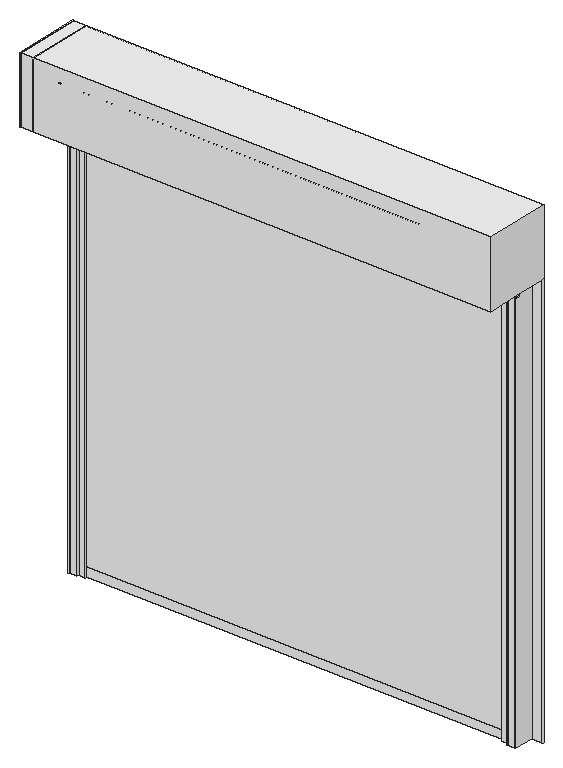
Revit family "NBS_HAGTheDoorSpecialists_RllrShtrSets_Armourguard_F2", category Doors, host Wall, Revit 2022
Family settings
  Host = Wall
  OmniClass Number = 23.30.10.00
  OmniClass Title = Doors
  Always vertical = Yes
  Cut with Voids When Loaded = No
  Shared = No
  Room Calculation Point = No
Parameters
  WidthMaximum = 12000
  Width = 0 mm
  WarrantyStartDate [instance] = "1900-12-31T23:59:59"
  WarrantyGuarantorParts = "n/a"
  WarrantyGuarantorLabor = "n/a"
  WarrantyDurationUnit = "year"
  WarrantyDurationParts = "n/a"
  WarrantyDurationLabor = "n/a"
  WarrantyDescription = "n/a"
  Version = "3"  # constant formula
  UsageCurrent = 0
  Uniclass2015Version = "Products v1.5"
  Uniclass2015Title = "Roller shutter sets"
  Uniclass2015Code = "Pr_30_59_24_73"
  ThreePhaseMotorBox [instance] = no
  ThermalTransmittance = 0
  TagNumber [instance] = "n/a"
  SustainabilityPerformance = "n/a"
  StructuralWallThickness [instance] = 150 mm
  StructuralOpeningWidthCalc [instance] = if(StructuralOpeningWidth > MaximumStructuralOpeningWidth, MaximumStructuralOpeningWidth, StructuralOpeningWidth)  # 2500 mm
  StructuralOpeningWidth [instance] = 2500 mm
  StructuralOpeningHeightCalc [instance] = if(StructuralOpeningHeight > MaximumStructuralOpeningHeight, MaximumStructuralOpeningHeight, StructuralOpeningHeight)  # 2500 mm
  StructuralOpeningHeight [instance] = 2500 mm
  StartCurrentFactor = 0
  SpringLoaded = "n/a"
  SmokeStop = no
  Size = "100 x ≤ 12000 mm"
  SideOffset [instance] = 165 mm  # constant formula
  SideGuideWidth [instance] = 85 mm  # constant formula
  SideGuideDepth [instance] = 70 mm  # constant formula
  ShutterCurtainProfile = "100mm flat lath"
  ShutterCurtainLathMaterial = "0.7mm twin skinned with CFC insulation."
  ShutterCurtainFinishAndColour = "HP200 plastisol colour coated finish to outside face and standard corrosion resistant finish to reverse side"
  ShutterBoxMaterial = "0.91 mm bright spangle galvanized pressed steel coil casing"
  ShutterBoxFinishAndColour = "HP200 plastisol colour coated finish to outside face and standard corrosion resistant finish to reverse side"
  Shape = "n/a"
  SerialNumber [instance] = "n/a"
  SelfClosing = yes
  SecurityRating = "Medium to high"
  Revision = "n/a"
  ReplacementCost = "n/a"
  Reference = "n/a"
  ProductInformation = "www.hag.co.uk/hag-downloads.html"
  PhaseReference = "n/a"
  PhaseAngle = 0.00°
  PanelMaterial = NBS_HAGTheDoorSpecialists_SteelLaths_90mm
  OverallWidth [instance] = StructuralOpeningWidthCalc + SideOffset * 2  # 2830 mm
  OverallHeight [instance] = StructuralOpeningHeightCalc + HeadPlateHeight  # 2900 mm
  OperationMode = "Single phase electric or three phase automatic Or Chain Operation"
  OperationControl = "Push button control as standard with low level hand chain overrise or high level hand crank"
  Operation = "ROLLINGUP"
  NumberOfPoles = 0
  NominalWidth [instance] = StructuralOpeningWidth  # 2500 mm
  NominalVoltage = "240, 415"
  NominalLength [instance] = 0 mm
  NominalHeight [instance] = StructuralOpeningHeight  # 2500 mm
  NominalFrequencyRange = "0"
  NominalCurrent = 10
  Name = "RollerShutterSets_Armourguard_F2_HAGTheDoorSpecialists"
  NBSTypeID = "n/a"
  NBSReference = "45-25-28/414"
  NBSOfficeMasterTag = "n/a"
  NBSNote = "n/a"
  NBSDescription = "Roller shutter sets"
  NBSCertification = "www.nationalbimlibrary.com/cert/vz2htwge"
  MotorEnclosureType = "n/a"
  MotorBoxWidth [instance] = if(ThreePhaseMotorBox, 250 mm, 2 mm)  # 2 mm
  MotorBoxDepthOverHang [instance] = if(ThreePhaseMotorBox, 340 mm, 0 mm)  # 0 mm
  ModelReference = "Armourguard_F2"
  ModelNumber = "n/a"
  MaximumStructuralOpeningWidth [instance] = 10000 mm - SideOffset * 2  # 9670 mm
  MaximumStructuralOpeningHeight [instance] = 10000 mm - MaximumHeadPlateHeight  # 9300 mm
  MaximumPowerOutput = 0
  MaximumHeadPlateHeight [instance] = 700 mm  # constant formula
  Material = "Steel"
  MassPerUnitArea = "18.4 kg/m²"
  ManufacturingConstraints [instance] = if(or(StructuralOpeningWidth > MaximumStructuralOpeningWidth, StructuralOpeningHeight > MaximumStructuralOpeningHeight), "Structural opening dimensions were automatically adjusted according to manufacturing contraints", "Manufacturing constraints are satisfied")  # "Manufacturing constraints are satisfied"
  ManufacturerURL = "www.hag.co.uk"
  ManufacturerName = "HAG The Door Specialists"  # constant formula
  Manufacturer = "info@hag.co.uk"
  LockedRotorCurrent = 0
  LayerWrapExternal [instance] = StructuralWallThickness  # 150 mm
  IsGuarded = no
  IsExternal = yes
  InsulationStandardClass = "n/a"
  InstallationDate [instance] = "1900-12-31T23:59:59"
  Infiltration = 0
  IfcExportType = "DOOR"  # constant formula
  IfcExportAs = "IfcDoor"  # constant formula
  IP_Code = "n/a"
  Height = 0 mm
  HeadPlateWidth [instance] = HeadPlateHeight  # 400 mm
  HeadPlateHeight [instance] = if(StructuralOpeningHeightCalc > (6000 mm - 600 mm), 700 mm, if(StructuralOpeningHeightCalc > (5000 mm - 500 mm), 600 mm, if(StructuralOpeningHeightCalc > (4100 mm - 450 mm), 500 mm, if(StructuralOpeningHeightCalc > (3000 mm - 400 mm), 450 mm, if(StructuralOpeningHeightCalc > (2000 mm - 350 mm), 400 mm, 350 mm)))))  # 400 mm
  HasProtectiveEarth = no
  HasPartWinding = no
  Hardware = "n/a"
  HandicapAccessible = no
  Grade = "n/a"
  GlazingAreaFraction = 0
  FrameSize = "n/a"
  FrameAndGuidesMaterial = "Steel"
  FrameAndGuidesFinishAndColour = "Galvanized"
  Frame/MullionMaterial = NBS_Concept
  Wall Closure = 4
  Format = "External / Internal"
  FireRating = "n/a"
  FireExit = no
  Finish = "HP200 plastisol colour coated finish to outside face and standard corrosion resistant finish to reverse side"
  Features = "Medium to high security, suitable for loading bay and warehouse doors where insulation is required"
  ExpectedLife = "25"
  ElectricalDeviceNominalPower = 0
  ElectricMotorEfficiency = 0
  DurationUnit = "year"
  DoorNumber [instance] = "n/a"
  Description = "All steel construction roller shutter, 100mm twin skinned 22 gauge galvanised lath HP200 plastisol colour coated and foam insulation"
  Constituents = "n/a"
  ComponentNumber [instance] = "n/a"
  Color = "n/a"
  CodePerformance = "n/a"
  Category = "Pr_30_59_24_73:Roller shutter sets"
  BarCode [instance] = "n/a"
  BIMObjectName = "NBS_HAGTheDoorSpecialists_RollerShutterSets_Armourguard_F2"
  Author = "NBS"  # constant formula
  AssetType = "Fixed"
  AssetIdentifier [instance] = "n/a"
  Arrangement = "Reveal fix / Face fix"
  AcousticRating = "n/a"
  Accessories = "n/a"
  AccessibilityPerformance = "n/a"
Reference planes
  plane 1: y = 0
  plane 2 "Center (Left/Right)": x = 0
  plane 3 "Left": x = -1250
  plane 4 "Right": x = 1250
  plane 5: z = 2500
  plane 6 "Exterior": y = 75
  plane 7 "Interior": y = -75
  plane 8: y = -475
  plane 9: x = -1415
  plane 10: x = 1415
  plane 11: z = 2900
  plane 12: y = -130
  plane 13: x = -1340
  plane 14: x = 1340
  plane 15: x = -1255
  plane 16: x = 1255
  plane 17: y = -200
  plane 18: y = -165
  plane 19: y = -155
  plane 20: y = -175
  plane 21: x = -1334
  plane 22: x = 1334
  plane 23: z = 2400
  plane 24: z = 2897
  plane 25: z = 2503
  plane 26: y = -472
  plane 27: y = -78
  plane 28: y = -260
  plane 29: y = -263
  plane 30: z = 2485
  plane 31: z = 2700
  plane 32: y = -275
  plane 33: x = -1417
  plane 34: y = -475
  plane 35: z = 50
  plane 36: y = -275
  plane 37: y = -75
  plane 38: x = -1295
  plane 39: y = -145
  plane 40: y = -185.057
  plane 41: x = 1295
Forms (mm)
  Extrusion 1, solid, material "NBS_Concept" <- "Frame/MullionMaterial"
    sketch origin (0, 0, 0) x (1, 0, 0) y (0, 1, 0)
      loop
        line (-1415, -75) -> (-1415, -85) -> (-1350, -85) -> (-1350, -200) -> (-1340, -200) -> (-1340, -75) -> (-1415, -75)
      loop
        line (1340, -200) -> (1350, -200) -> (1350, -85) -> (1415, -85) -> (1415, -75) -> (1340, -75) -> (1340, -200)
    from 0 to 2500
  Extrusion 2, solid, material "NBS_Concept" <- "Frame/MullionMaterial"
    sketch origin (0, 0, 0) x (1, 0, 0) y (0, 1, 0)
      loop
        line (-1340, -130) -> (-1340, -200) -> (-1295, -200) -> (-1295, -188.057) -> (-1255, -188.057) -> (-1255, -185.057) -> (-1298, -185.057) -> (-1298, -197) -> (-1337, -197) -> (-1337, -133) -> (-1298, -133) -> (-1298, -145) -> (-1255, -145) -> (-1255, -141.943) -> (-1295, -141.943) -> (-1295, -130) -> (-1340, -130)
      loop
        line (1340, -130) -> (1295, -130) -> (1295, -141.943) -> (1255, -141.943) -> (1255, -145) -> (1298, -145) -> (1298, -133) -> (1337, -133) -> (1337, -197) -> (1298, -197) -> (1298, -185.057) -> (1255, -185.057) -> (1255, -188.057) -> (1295, -188.057) -> (1295, -200) -> (1340, -200) -> (1340, -130)
    from 0 to 2500
  Extrusion 3, solid, material "NBS_HAGTheDoorSpecialists_SteelLaths_90mm" <- "PanelMaterial", detail levels coarse
    sketch origin (0, 0, 0) x (1, 0, 0) y (0, 1, 0)
      loop
        line (-1334, -155) -> (-1334, -175) -> (1334, -175) -> (1334, -155) -> (-1334, -155)
    from 0 to 2500
  Extrusion 4, solid, material "NBS_Concept" <- "Frame/MullionMaterial", detail levels coarse
    sketch origin (0, 0, 0) x (0, 1, 0) y (0, 0, 1)
      loop
        line (-75, 2900) -> (-475, 2900) -> (-475, 2500) -> (-75, 2500) -> (-75, 2900)
    from -1415 to 1415
  Extrusion 5, solid, material "NBS_Concept" <- "Frame/MullionMaterial", detail levels medium+fine
    sketch origin (0, 0, 0) x (0, 1, 0) y (0, 0, 1)
      loop
        line (-75, 2900) -> (-475, 2900) -> (-475, 2500) -> (-263, 2500) -> (-263, 2488) -> (-275, 2488) -> (-275, 2485) -> (-260, 2485) -> (-260, 2500) -> (-75, 2500) -> (-75, 2900)
    from -1415 to 1415
  Extrusion 6, void
    sketch origin (0, 0, 0) x (0, 1, 0) y (0, 0, 1)
      loop
        line (-78, 2897) -> (-472, 2897) -> (-472, 2503) -> (-260, 2503) -> (-260, 2500) -> (-78, 2500) -> (-78, 2897)
    from -1340 to 1340
  Extrusion 7, solid, material "NBS_HAGTheDoorSpecialists_SteelLaths_90mm" <- "PanelMaterial", detail levels medium+fine
    sketch origin (0, 0, 0) x (0, 1, 0) y (0, 0, 1)
      loop
        circle (-275, 2700) r 20
      loop
        arc (-155, 2700) -> (-389.891, 2734.641) -> (-175, 2633.668) r 120
        line (-175, 2633.668) -> (-175, 50) -> (-155, 50) -> (-155, 2700)
    from -1334 to 1334
  Extrusion 8, solid, material "NBS_Concept" <- "Frame/MullionMaterial", detail levels medium+fine
    sketch origin (0, 0, 0) x (0, 1, 0) y (0, 0, 1)
      loop
        circle (-275, 2700) r 20
    from -1340 to 1340
  Extrusion 9, solid, material "NBS_Concept" <- "Frame/MullionMaterial"
    sketch origin (0, 0, 0) x (0, 1, 0) y (0, 0, 1)
      loop
        line (-75, 2900) -> (-475, 2900) -> (-475, 2500) -> (-75, 2500) -> (-75, 2900)
    from -1417 to -1415
  Extrusion 10, solid, material "NBS_Concept" <- "Frame/MullionMaterial", detail levels medium+fine
    sketch origin (0, 0, 0) x (0, 1, 0) y (0, 0, 1)
      loop
        line (-155, 50) -> (-175, 50) -> (-175, 0) -> (-155, 0) -> (-155, 50)
    from -1334 to 1334
Cuts and joins
  Extrusion 6 cuts Extrusion 5
Lines and regions (mm)
  Opening 1
    outline origin (-3050, -75, 0) x (1, 0, 0) y (0, 0, 1)
      loop
        line (1800, 0) -> (4300, 0) -> (4300, 2500) -> (1800, 2500) -> (1800, 0)
  Masking region 1, detail levels medium+fine
    outline origin (0, 0, 0) x (1, 0, 0) y (0, 1, 0)
      loop
        line (-1334, -155) -> (-1334, -175) -> (1334, -175) -> (1334, -155) -> (-1334, -155)
  symbolic lines, style "DoorsHiddenLines"
    curve 1: line (-1415, -75, 0) -> (-1415, -475, 0)
    curve 2: line (-1415, -475, 0) -> (1415, -475, 0)
    curve 3: line (1415, -475, 0) -> (1415, -75, 0)
    curve 5: line (-1415, -75, 0) -> (1415, -75, 0)
  symbolic lines, style "DoorsPanelProjection", detail levels coarse
    curve 4: line (-1334, -165, 0) -> (1334, -165, 0)
  symbolic lines, style "DoorsHiddenLines", visible <- "ThreePhaseMotorBox"
    curve 6: line (-1415, -75, 0) -> (-1417, -75, 0)
    curve 7: line (-1417, -75, 0) -> (-1417, -475, 0)
    curve 8: line (-1417, -475, 0) -> (-1415, -475, 0)
Text (mm)
  text "Exterior" at (-2295.016, 1099.543, 0), in view "Ref. Level"
  text "Exterior" at (0, 1615.38, 3698.081), in view "Left"
  text "Exterior" at (0, 1036.032, 3874.932), in view "Right"
Dimensions and locks
  equal spacing: plane 3 "Left", plane 2 "Center (Left/Right)", plane 4 "Right"
  "StructuralOpeningWidthCalc": plane 3 "Left" to plane 4 "Right"
  "StructuralOpeningHeightCalc": plane 5 to host wall
  host wall to plane 5 = 2500 mm  (x2)
  locked: plane 6 "Exterior" to host wall at 0
  locked: plane 7 "Interior" to host wall
  "HeadPlateWidth": plane 7 "Interior" to plane 8
  "HeadPlateHeight": plane 5 to plane 11
  equal spacing: plane 12, plane 18, plane 17
  locked: plane 13 to plane 21 at 6
  locked: plane 22 to plane 14 at 6
  locked: plane 5 to plane 23 at 100
  locked: plane 30 to plane 5 at 15
  equal spacing: plane 5, plane 31, plane 11
  equal spacing: plane 7 "Interior", plane 32, plane 8
  locked: plane 7 "Interior" to plane 27 at 3
  locked: plane 24 to plane 11 at 3
  locked: plane 5 to plane 25 at 3
  locked: plane 26 to plane 8 at 3
  "MotorBoxDepthOverHang": plane 8 to plane 34
  "MotorBoxWidth": plane 33 to plane 9
  locked: plane 35 to level at 50
  "StructuralWallThickness": host wall to host wall
  "LayerWrapExternal": plane 6 "Exterior" to plane 37
  locked: plane 9 to plane 13 at 75
  "SideGuideWidth": plane 13 to plane 15
  locked: plane 14 to plane 10 at 75
  "SideGuideWidth": plane 16 to plane 14
  "OverallWidth": plane 9 to plane 10
  equal spacing: plane 9, plane 2 "Center (Left/Right)", plane 10
  plane 28 to plane 29 to plane 36 = 3 mm locked, 12 mm locked
  "SideGuideDepth": plane 12 to plane 17
  locked: plane 13 to plane 38 at 45
  locked: plane 40 to plane 17 at 14.943
  locked: plane 12 to plane 39 at 15
  plane 19 to plane 18 to plane 20 = 10 mm locked, 10 mm locked
  locked: plane 41 to plane 14 at 45
  locked: plane 7 "Interior" to plane 12 at 55
  locked: plane 7 "Interior" to plane 28 at 185
  aligned and locked: plane 3 "Left" to Opening 1 sketch curve
  aligned and locked: plane 5 to Opening 1 sketch curve  (x2)
  aligned and locked: Opening 1 sketch curve to plane 4 "Right"
  aligned and locked: Opening 1 sketch curve to level
  aligned and locked: plane 1 to host wall
  aligned and locked: plane 17 to Extrusion 1 sketch curve  (x2)
  aligned and locked: Extrusion 1 sketch curve to plane 13
  aligned and locked: plane 7 "Interior" to Extrusion 1 sketch curve  (x2)
  aligned and locked: Extrusion 1 sketch curve to plane 14
  aligned and locked: Extrusion 1 to level
  aligned and locked: Extrusion 1 to plane 5
  aligned and locked: Extrusion 2 sketch curve to plane 12
  aligned and locked: plane 17 to Extrusion 2 sketch curve
  aligned and locked: plane 13 to Extrusion 2 sketch curve
  aligned and locked: Extrusion 2 to level
  aligned and locked: Extrusion 2 to plane 5
  aligned and locked: Extrusion 3 sketch curve to plane 19
  aligned and locked: plane 20 to Extrusion 3 sketch curve
  aligned and locked: plane 22 to Extrusion 3 sketch curve
  aligned and locked: plane 21 to Extrusion 3 sketch curve
  aligned and locked: Extrusion 3 to level
  aligned and locked: Extrusion 3 to plane 5
  aligned and locked: plane 7 "Interior" to curve 3
  aligned and locked: curve 1 to plane 9
  aligned and locked: plane 10 to curve 3
  aligned and locked: Masking region 1 sketch curve to plane 19
  aligned and locked: plane 22 to Masking region 1 sketch curve
  aligned and locked: plane 20 to Masking region 1 sketch curve
  aligned and locked: plane 21 to Masking region 1 sketch curve
  aligned and locked: plane 22 to curve 4
  aligned and locked: plane 21 to curve 4
  aligned and locked: curve 4 to plane 18
  aligned and locked: plane 11 to Extrusion 4 sketch curve
  aligned and locked: plane 8 to Extrusion 4 sketch curve
  aligned and locked: Extrusion 4 sketch curve to plane 5
  aligned and locked: plane 7 "Interior" to Extrusion 4 sketch curve
  aligned and locked: plane 11 to Extrusion 5 sketch curve
  aligned and locked: plane 8 to Extrusion 5 sketch curve
  aligned and locked: Extrusion 5 sketch curve to plane 5  (x2)
  aligned and locked: Extrusion 5 sketch curve to plane 29
  aligned and locked: Extrusion 5 sketch curve to plane 30
  aligned and locked: plane 28 to Extrusion 5 sketch curve
  aligned and locked: plane 7 "Interior" to Extrusion 5 sketch curve
  aligned and locked: Extrusion 5 to plane 9
  aligned and locked: Extrusion 4 to plane 9
  aligned and locked: plane 10 to Extrusion 5
  aligned and locked: plane 10 to Extrusion 4
  aligned and locked: plane 24 to Extrusion 6 sketch curve
  aligned and locked: Extrusion 6 sketch curve to plane 27
  aligned and locked: Extrusion 6 sketch curve to plane 5
  aligned and locked: Extrusion 6 sketch curve to plane 28
  aligned and locked: Extrusion 6 sketch curve to plane 25
  aligned and locked: Extrusion 7 to plane 21
  aligned and locked: Extrusion 7 to plane 22
  aligned and locked: Extrusion 8 to plane 13
  aligned and locked: plane 26 to Extrusion 6 sketch curve
  aligned and locked: plane 10 to curve 5
  aligned and locked: plane 19 to Extrusion 7 sketch curve
  aligned and locked: Extrusion 7 sketch curve to plane 20
  aligned and locked: plane 32 to Extrusion 7 sketch curve
  aligned and locked: plane 31 to Extrusion 7 sketch curve
  aligned and locked: plane 11 to Extrusion 9 sketch curve
  aligned and locked: plane 34 to Extrusion 9 sketch curve
  aligned and locked: Extrusion 9 sketch curve to plane 5
  aligned and locked: plane 7 "Interior" to Extrusion 9 sketch curve
  aligned and locked: plane 9 to Extrusion 9
  aligned and locked: Extrusion 9 to plane 33
  aligned and locked: plane 34 to curve 8
  aligned and locked: curve 6 to plane 7 "Interior"
  aligned and locked: curve 7 to plane 33
  aligned and locked: Extrusion 6 to plane 13
  aligned and locked: Extrusion 6 to plane 14
  aligned and locked: Extrusion 8 to plane 14
  aligned and locked: Extrusion 7 sketch curve to plane 35
  aligned and locked: Extrusion 10 sketch curve to plane 19
  aligned and locked: plane 20 to Extrusion 10 sketch curve
  aligned and locked: level to Extrusion 10 sketch curve
  aligned and locked: Extrusion 10 sketch curve to plane 35
  aligned and locked: Extrusion 10 to plane 22
  aligned and locked: Extrusion 10 to plane 21
  aligned and locked: plane 36 to Extrusion 5 sketch curve
  aligned and locked: Extrusion 1 sketch curve to plane 10
  aligned and locked: plane 9 to Extrusion 1 sketch curve
  aligned and locked: plane 38 to Extrusion 2 sketch curve  (x3)
  aligned and locked: Extrusion 2 sketch curve to plane 38
  aligned and locked: Extrusion 2 sketch curve to plane 40
  aligned and locked: Extrusion 2 sketch curve to plane 15
  aligned and locked: Extrusion 2 sketch curve to plane 39
  aligned and locked: plane 15 to Extrusion 2 sketch curve
  aligned and locked: plane 12 to Extrusion 2 sketch curve
  aligned and locked: Extrusion 2 sketch curve to plane 41
  aligned and locked: plane 39 to Extrusion 2 sketch curve
  aligned and locked: Extrusion 2 sketch curve to plane 16
  aligned and locked: Extrusion 2 sketch curve to plane 14
  aligned and locked: Extrusion 2 sketch curve to plane 17
  aligned and locked: plane 41 to Extrusion 2 sketch curve
  aligned and locked: plane 40 to Extrusion 2 sketch curve
  aligned and locked: plane 16 to Extrusion 2 sketch curve
  aligned and locked: curve 1 to plane 34
Automatic sketch dimensions
  Extrusion 1 sketch curve to plane 13 = 10 mm
  Extrusion 1 sketch curve to plane 14 = 10 mm
  host wall to Extrusion 1 sketch curve = 10 mm  (x2)
  plane 31 to Extrusion 8 sketch curve = 0 mm
  Extrusion 8 sketch curve to plane 32 = 0 mm
  Extrusion 7 sketch curve to Extrusion 7 sketch curve = 0 mm  (x2)
  Extrusion 5 sketch curve to plane 30 = 3 mm
  plane 13 to Extrusion 2 sketch curve = 3 mm
  Extrusion 2 sketch curve to plane 38 = 3 mm  (x2)
  Extrusion 2 sketch curve to plane 41 = 3 mm  (x2)
  plane 14 to Extrusion 2 sketch curve = 3 mm
  plane 17 to Extrusion 2 sketch curve = 3 mm  (x2)
  Extrusion 2 sketch curve to plane 40 = 3 mm  (x2)
  Extrusion 2 sketch curve to Extrusion 2 sketch curve = 3.057 mm
  plane 39 to Extrusion 2 sketch curve = 3.057 mm
  Extrusion 2 sketch curve to plane 12 = 3 mm  (x2)
  curve 2 to plane 8 = 0 mm
  radius of Extrusion 8 sketch curve = 20 mm
  radius of Extrusion 7 sketch curve = 20 mm
Connectors
  electrical at (-1417, -275, 2700)
    settings: on Extrusion 9, index 1, voltage 240 V, apparent load 0 VA, apparent load phase1 0 VA, apparent load phase2 0 VA, apparent load phase3 0 VA, power factor 1, load classification "Other", number of poles 1, system type 31, power factor state 1, is connector primary yes, connector utility no, sub classification motor no, connector description ""
